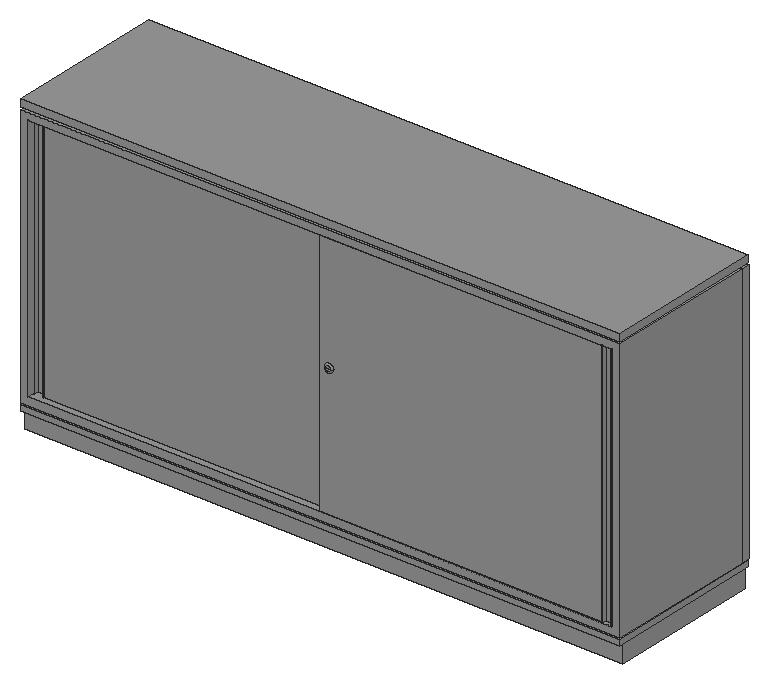
Revit family "Haworth_BeHold-Design_SlidingDoorCabinet_BaseElement_EU_PRELIMINARY", category Furniture Systems, Revit 2019
Family settings
  Round Connector Dimension = Use Diameter
  Part Type = Normal
  OmniClass Number = 23.40.70.14.64.21
  OmniClass Title = Systems Furniture
  Work Plane-Based = No
  Always vertical = Yes
  Cut with Voids When Loaded = No
  Shared = No
  Room Calculation Point = No
Parameters (values of type "160w 74H")
  with Cover Plate [instance] = yes
  Width = 160 cm
  Warranty = "http://www.haworth.com/resources/product-info/warranties"
  URL - Product = "https://www.haworth.com/eu/en/products/office-drawers/be-hold.html"
  URL = "https://www.haworth.com/eu/en.html"
  Trim Finish = Haworth _ Polymer _ Undecided
  Top Finish [instance] = Haworth _ Laminate _ Undecided _ Storage
  Size = "Verify Final Dim. w/ Haworth"  # constant formula
  Revision Number = "1"  # constant formula
  Recessed Handle Thickness Right = -0.2 cm  # constant formula
  Recessed Handle Thickness Left = 1.8 cm  # constant formula
  Recessed Handle Pull = no
  Pull Height = Door Height - 25 cm  # 45 cm
  Pull Finish = Haworth _ Polymer _ Undecided
  Plinth Finish = Haworth _ Polymer _ Undecided
  Plinth = not(Glides)  # yes
  Mounting Height = if(Plinth, 3 cm, 0 cm)  # 3 cm
  Model = "ESDSDGE"  # constant formula
  Min. Width = 80 cm  # constant formula
  Min. Height = 39.2 cm  # constant formula
  Max. Width = 160 cm  # constant formula
  Max. Height = 150.8 cm  # constant formula
  Manufacturer = "Haworth"  # constant formula
  Lock Offset Side = Actual Width / 2 - 7 cm  # 73 cm
  Lock Offset Length = Actual Height / 2  # 37 cm
  Height = 74 cm
  Handle 128 128 Pull = no
  Glides = no
  Glide Finish = Haworth _ Polymer _ Undecided
  Front Finish [instance] = Haworth _ Laminate _ Undecided _ Storage
  End to End Sliding Door Pull = not(or(Handle 128 128 Pull, Recessed Handle Pull))  # yes
  Door Width = if(End to End Sliding Door Pull, Actual Width / 2 - 4.5 cm, if(Recessed Handle Pull, Actual Width / 2 - 2 cm, Actual Width / 2 - 2 cm))  # 75.5 cm
  Door Height = Actual Height - 4 cm  # 70 cm
  Description = "Haworth - BeHold Design - Sliding Door Cabinet - Base Element"  # constant formula
  Custom Size = not(or(Width = 91.44 cm, Width = 106.68 cm, Width = 121.92 cm, Width = 137.16 cm, Width = 152.4 cm, Width = 167.64 cm, Width = 182.88 cm))  # yes
  Cabinet Finish [instance] = Haworth _ Laminate _ Undecided _ Storage
  Back Finish [instance] = Haworth _ Laminate _ Undecided _ Storage
  Author = "Haworth (Abd Rahman)"  # constant formula
  Assembly Code = "E2020200"
  Actual Width = if(Width < Min. Width, Min. Width, if(Width > Max. Width, Max. Width, Width))  # 160 cm
  Actual Height = if(Height < Min. Height, Min. Height, if(Height > Max. Height, Max. Height, Height))  # 74 cm
  Actual Depth = 43 cm  # constant formula
  74H = Actual Height = 74 cm  # yes
  4BH = Actual Height = 150.8 cm  # no
  3BH = Actual Height = 113.6 cm  # no
  2BH = Actual Height = 76.4 cm  # no
  1BH = Actual Height = 39.2 cm  # no
  100H = Actual Height = 100 cm  # no
Types (6, lengths in cm): name | Width | Recessed Handle Pull | Pull Height | Plinth | Mounting Height | Lock Offset Side | Lock Offset Length | Height | Handle 128 128 Pull | Glides | End to End Sliding Door Pull | Door Width | Door Height | Actual Width | Actual Height | 74H | 4BH | 3BH | 2BH | 1BH | 100H
  80w 1BH | 80 | no | 10.2 | yes | 3 | 33 | 19.6 | 39.2 | yes | no | no | 38 | 35.2 | 80 | 39.2 | no | no | no | no | yes | no
  90w 2BH | 90 | yes | 47.4 | no | 0 | 38 | 38.2 | 76.4 | no | yes | no | 43 | 72.4 | 90 | 76.4 | no | no | no | yes | no | no
  100w 3BH | 100 | no | 84.6 | no | 0 | 43 | 56.8 | 113.6 | no | yes | yes | 45.5 | 109.6 | 100 | 113.6 | no | no | yes | no | no | no
  120w 4BH | 120 | no | 121.8 | yes | 3 | 53 | 75.4 | 150.8 | yes | no | no | 58 | 146.8 | 120 | 150.8 | no | yes | no | no | no | no
  140w 100H | 140 | yes | 71 | no | 0 | 63 | 50 | 100 | no | yes | no | 68 | 96 | 140 | 100 | no | no | no | no | no | yes
  160w 74H | 160 | no | 45 | yes | 3 | 73 | 37 | 74 | no | no | yes | 75.5 | 70 | 160 | 74 | yes | no | no | no | no | no
Reference planes (cm)
  plane 1: z = 3
  plane 2 "Center L/R": x = -15.6859
  plane 3 "Center F/B": y = -29.21
  plane 4 "Top": z = 77
  plane 5 "Back": y = -7.71
  plane 6 "Front": y = -50.71
  plane 7 "Right": x = 64.3141
  plane 8 "Left": x = -95.6859
  plane 9: z = 75.1816
  plane 10: x = 62.3141
  plane 11: x = -93.6859
  plane 12: z = 4.8184
  plane 13: y = -48.71
  plane 14: z = 77.5
  plane 15: y = -9.71
  plane 16: z = 6.8184
  plane 17: z = 8.8184
  plane 18: z = 6.3184
  plane 19: y = -44.4342
  plane 20: x = 54.5804
  plane 21: y = -42.4342
  plane 22: y = -13.9858
  plane 23: y = -15.9858
  plane 24: x = -85.9522
  plane 25: y = -44.74
  plane 26: y = -43.3236
  plane 27: y = -13.68
  plane 28: y = -15.0964
  plane 29: y = -49.3975
  plane 30: y = -49.5975
  plane 31: x = 62.1141
  plane 32: x = 59.8496
  plane 33: x = 59.6496
  plane 34: x = 57.8016
  plane 35: x = 52.8016
  plane 36: z = 10.8184
  plane 37: z = 28.8184
  plane 38: x = -89.1734
  plane 39: x = -84.1734
  plane 40: z = 10.8184
  plane 41: z = 28.8184
  plane 42: x = -87.6734
  plane 43: x = -85.6734
  plane 44: z = 27.3184
  plane 45: z = 12.3184
  plane 46: x = 56.3016
  plane 47: x = 54.3016
  plane 48: z = 27.3184
  plane 49: z = 12.3184
  plane 50: y = -47.5975
  plane 51: x = -93.4859
  plane 52: x = -91.2214
  plane 53: x = -91.0214
  plane 54: y = -47.3975
  plane 55: x = 62.6141
  plane 56: x = 64.2141
  plane 57: x = -93.9859
  plane 58: x = -95.5859
  plane 59: y = -8.8617
  plane 60: y = -10.4617
  plane 61: y = -49.4617
  plane 62: y = -47.8617
Forms (cm)
  Extrusion 1, solid, material "Haworth _ Laminate _ Undecided _ Storage" <- "Cabinet Finish"
    sketch origin (0, -29.21, 0) x (1, 0, 0) y (0, 0, 1)
      loop
        line (-95.6859, 77) -> (-95.6859, 6.8184) -> (64.3141, 6.8184) -> (64.3141, 77) -> (-95.6859, 77)
      loop
        line (-93.6859, 75.1816) -> (-93.6859, 8.8184) -> (62.3141, 8.8184) -> (62.3141, 75.1816) -> (-93.6859, 75.1816)
    from -19.5 to 21.5
  Extrusion 2, solid, material "Haworth _ Laminate _ Undecided _ Storage" <- "Cabinet Finish"
    sketch origin (0, -29.21, 0) x (1, 0, 0) y (0, 0, 1)
      loop
        line (-95.6859, 6.3184) -> (-95.6859, 4.8184) -> (64.3141, 4.8184) -> (64.3141, 6.3184) -> (-95.6859, 6.3184)
    from -21.5 to 21.5
  Extrusion 3, solid, material "Haworth _ Polymer _ Undecided" <- "Glide Finish", visible <- "Glides"
    sketch origin (0, 0, 0) x (1, 0, 0) y (0, 1, 0)
      loop
        arc (53.0804, -42.4342) -> (54.5804, -46.9342) -> (56.0804, -42.4342) r 2.5
        line (56.0804, -42.4342) -> (53.0804, -42.4342)
      loop
        line (53.0804, -15.9858) -> (56.0804, -15.9858)
        arc (56.0804, -15.9858) -> (54.5804, -11.4858) -> (53.0804, -15.9858) r 2.5
      loop
        line (-84.4522, -42.4342) -> (-87.4522, -42.4342)
        arc (-87.4522, -42.4342) -> (-85.9522, -46.9342) -> (-84.4522, -42.4342) r 2.5
      loop
        arc (-84.4522, -15.9858) -> (-85.9522, -11.4858) -> (-87.4522, -15.9858) r 2.5
        line (-87.4522, -15.9858) -> (-84.4522, -15.9858)
    from 3 to 4.8184
  Extrusion 4, solid, material "Haworth _ Laminate _ Undecided _ Storage" <- "Back Finish"
    sketch origin (0, -29.21, 0) x (1, 0, 0) y (0, 0, 1)
      loop
        line (64.3141, 77) -> (-95.6859, 77) -> (-95.6859, 6.8184) -> (64.3141, 6.8184) -> (64.3141, 77)
    from -21.5 to -19.5
  Extrusion 5, solid, material "Haworth _ Polymer _ Undecided" <- "Glide Finish"
    sketch origin (0, 0, 0) x (1, 0, 0) y (0, 1, 0)
      loop
        line (-93.6859, -44.74) -> (62.3141, -44.74) -> (62.3141, -43.3236) -> (-93.6859, -43.3236) -> (-93.6859, -44.74)
      loop
        line (-93.6859, -13.68) -> (-93.6859, -15.0964) -> (62.3141, -15.0964) -> (62.3141, -13.68) -> (-93.6859, -13.68)
    from 6.3184 to 6.8184
  Extrusion 6, solid, material "Haworth _ Polymer _ Undecided" <- "Pull Finish", visible <- "End to End Sliding Door Pull"
    sketch origin (0, 0, 0) x (1, 0, 0) y (0, 1, 0)
      loop
        line (62.1141, -50.71) -> (62.3141, -50.71) -> (62.3141, -49.3975) -> (59.6496, -49.3975) -> (59.6496, -50.71) -> (59.8496, -50.71) -> (59.8496, -49.5975) -> (62.1141, -49.5975) -> (62.1141, -50.71)
    from 8.8184 to 75.1816
  Extrusion 7, solid, material "Haworth _ Polymer _ Undecided" <- "Pull Finish", visible <- "Recessed Handle Pull"
    sketch origin (0, -50.71, 0) x (-1, 0, 0) y (0, 0, 1)
      loop
        line (-57.8016, 28.8184) -> (-57.8016, 10.8184) -> (-52.8016, 10.8184) -> (-52.8016, 28.8184) -> (-57.8016, 28.8184)
    from -0.2 <- "Recessed Handle Thickness Right" to 0
  Extrusion 8, solid, material "Haworth _ Polymer _ Undecided" <- "Pull Finish", visible <- "Recessed Handle Pull"
    sketch origin (0, -50.71, 0) x (-1, 0, 0) y (0, 0, 1)
      loop
        line (89.1734, 28.8184) -> (84.1734, 28.8184) -> (84.1734, 10.8184) -> (89.1734, 10.8184) -> (89.1734, 28.8184)
    from 2 to 1.8 <- "Recessed Handle Thickness Left"
  Extrusion 9, void
    sketch origin (0, -50.71, 0) x (-1, 0, 0) y (0, 0, 1)
      loop
        line (-54.3016, 27.3184) -> (-56.3016, 27.3184) -> (-56.3016, 12.3184) -> (-54.3016, 12.3184) -> (-54.3016, 27.3184)
    from -26.954 to -0.124
  Extrusion 10, void
    sketch origin (0, -50.71, 0) x (-1, 0, 0) y (0, 0, 1)
      loop
        line (85.6734, 27.3184) -> (85.6734, 12.3184) -> (87.6734, 12.3184) -> (87.6734, 27.3184) -> (85.6734, 27.3184)
    from -26.954 to 1.8499
  Extrusion 11, solid, material "Haworth _ Polymer _ Undecided" <- "Pull Finish", visible <- "End to End Sliding Door Pull"
    sketch origin (0, 0, 0) x (1, 0, 0) y (0, 1, 0)
      loop
        line (-93.4859, -48.71) -> (-93.4859, -47.5975) -> (-91.2214, -47.5975) -> (-91.2214, -48.71) -> (-91.0214, -48.71) -> (-91.0214, -47.3975) -> (-93.6859, -47.3975) -> (-93.6859, -48.71) -> (-93.4859, -48.71)
    from 8.8184 to 77
  Extrusion 12, solid, material "Haworth _ Polymer _ Undecided" <- "Plinth Finish", visible <- "Plinth"
    sketch origin (0, 0, 0) x (1, 0, 0) y (0, 1, 0)
      loop
        line (-95.5859, -8.8617) -> (-95.5859, -49.4617) -> (64.2141, -49.4617) -> (64.2141, -8.8617) -> (-95.5859, -8.8617)
      loop
        line (-93.9859, -10.4617) -> (-93.9859, -47.8617) -> (62.6141, -47.8617) -> (62.6141, -10.4617) -> (-93.9859, -10.4617)
    from 0 to 4.8184
Cuts and joins
  Extrusion 9 cuts Extrusion 7
  Extrusion 9, Extrusion 10 cuts Extrusion 8
Lines and regions (cm)
  Masking region 1
    outline origin (0, 0, 0) x (1, 0, 0) y (0, 1, 0)
      loop
        line (-95.6859, -7.71) -> (-95.6859, -50.71) -> (64.3141, -50.71) -> (64.3141, -7.71) -> (-95.6859, -7.71)
Dimensions and locks (cm)
  equal spacing: plane 8 "Left", plane 2 "Center L/R", plane 7 "Right"
  "Actual Width": plane 8 "Left" to plane 7 "Right"
  equal spacing: plane 5 "Back", plane 3 "Center F/B", plane 6 "Front"
  "Actual Depth": plane 5 "Back" to plane 6 "Front"
  locked: plane 10 to plane 7 "Right" at 2
  locked: plane 8 "Left" to plane 11 at 2
  locked: plane 4 "Top" to plane 9 at 1.8184
  locked: plane 12 to plane 1 at 1.8184
  "Actual Height": plane 4 "Top" to plane 1
  "Mounting Height": plane 1 to level
  locked: plane 6 "Front" to plane 13 at 2
  locked: plane 14 to plane 4 "Top" at 0.5
  locked: plane 15 to plane 5 "Back" at 2
  locked: plane 16 to plane 12 at 2
  locked: plane 17 to plane 16 at 2
  locked: plane 16 to plane 18 at 0.5
  plane 21 to plane 19 to plane 6 "Front" = 2 cm locked, 6.2758 cm locked
  locked: plane 20 to plane 7 "Right" at 9.7337
  locked: plane 23 to plane 22 at 2
  locked: plane 22 to plane 5 "Back" at 6.2758
  locked: plane 8 "Left" to plane 24 at 9.7337
  plane 6 "Front" to plane 25 to plane 26 = 5.97 cm locked, 1.4164 cm locked
  locked: plane 27 to plane 28 at 1.4164
  locked: plane 5 "Back" to plane 27 at 5.97
  plane 33 to plane 32 to plane 31 to plane 7 "Right" = 0.2 cm locked, 2.2645 cm locked, 2.2 cm locked
  plane 6 "Front" to plane 30 to plane 29 = 1.1125 cm locked, 0.2 cm locked
  plane 35 to plane 34 to plane 7 "Right" = 5 cm locked, 6.5125 cm locked
  plane 39 to plane 38 to plane 8 "Left" = 5 cm locked, 6.5125 cm locked
  plane 41 to plane 40 to plane 17 = 18 cm locked, 2 cm locked
  plane 37 to plane 36 to plane 17 = 18 cm locked, 2 cm locked
  plane 44 to plane 45 to plane 17 = 15 cm locked, 3.5 cm locked
  plane 43 to plane 42 to plane 8 "Left" = 2 cm locked, 8.0125 cm locked
  plane 48 to plane 49 to plane 17 = 15 cm locked, 3.5 cm locked
  plane 47 to plane 46 to plane 7 "Right" = 2 cm locked, 8.0125 cm locked
  plane 8 "Left" to plane 51 to plane 52 to plane 53 = 2.2 cm locked, 2.2645 cm locked, 0.2 cm locked
  plane 6 "Front" to plane 50 to plane 54 = 3.1125 cm locked, 0.2 cm locked
  plane 1 to level = 3 cm
  plane 62 to plane 61 to plane 6 "Front" = 1.6 cm locked, 1.2483 cm locked
  plane 55 to plane 56 to plane 7 "Right" = 1.6 cm locked, 0.1 cm locked
  plane 8 "Left" to plane 58 to plane 57 = 0.1 cm locked, 1.6 cm locked
  plane 60 to plane 59 to plane 5 "Back" = 1.6 cm locked, 1.1517 cm locked
  radius of Extrusion 3 sketch curve = 2.5 cm  (x4)
  aligned and locked: plane 7 "Right" to Masking region 1
  aligned and locked: plane 5 "Back" to Masking region 1
  aligned and locked: Masking region 1 to plane 6 "Front"
  aligned and locked: Masking region 1 to plane 8 "Left"
  aligned and locked: plane 6 "Front" to nested 1
  aligned and locked: plane 13 to nested 2
  aligned and locked: plane 3 "Center F/B" to nested 3
  aligned and locked: plane 2 "Center L/R" to nested 3
  aligned and locked: nested 3 to plane 14
  aligned and locked: plane 8 "Left" to Extrusion 1 sketch curve
  aligned and locked: Extrusion 1 sketch curve to plane 7 "Right"
  aligned and locked: Extrusion 1 sketch curve to plane 4 "Top"
  aligned and locked: plane 10 to Extrusion 1 sketch curve
  aligned and locked: Extrusion 1 sketch curve to plane 9
  aligned and locked: Extrusion 1 sketch curve to plane 11
  aligned and locked: nested 1 to plane 9
  aligned and locked: nested 2 to plane 9
  aligned and locked: Extrusion 1 to plane 16
  aligned and locked: Extrusion 2 sketch curve to plane 7 "Right"
  aligned and locked: plane 8 "Left" to Extrusion 2 sketch curve
  aligned and locked: Extrusion 2 to plane 12
  aligned and locked: plane 5 "Back" to Extrusion 2
  aligned and locked: Extrusion 2 to plane 6 "Front"
  aligned and locked: plane 19 to Extrusion 3 sketch curve  (x2)
  aligned and locked: plane 20 to Extrusion 3 sketch curve  (x2)
  aligned and locked: plane 22 to Extrusion 3 sketch curve
  aligned and locked: plane 24 to Extrusion 3 sketch curve  (x2)
  aligned and locked: plane 23 to Extrusion 3 sketch curve  (x2)
  aligned and locked: Extrusion 3 sketch curve to plane 22
  aligned and locked: plane 21 to Extrusion 3 sketch curve
  aligned and locked: Extrusion 3 sketch curve to plane 21
  aligned and locked: Extrusion 3 to plane 1
  aligned and locked: plane 12 to Extrusion 3
  aligned and locked: Extrusion 1 to plane 15
  aligned and locked: Extrusion 4 sketch curve to plane 7 "Right"
  aligned and locked: plane 8 "Left" to Extrusion 4 sketch curve
  aligned and locked: Extrusion 4 sketch curve to plane 16
  aligned and locked: Extrusion 4 sketch curve to plane 4 "Top"
  aligned and locked: plane 5 "Back" to Extrusion 4
  aligned and locked: plane 15 to Extrusion 4
  aligned and locked: Extrusion 5 sketch curve to plane 26
  aligned and locked: Extrusion 5 sketch curve to plane 25
  aligned and locked: Extrusion 5 sketch curve to plane 27
  aligned and locked: Extrusion 5 sketch curve to plane 28
  aligned and locked: Extrusion 5 to plane 18
  aligned and locked: plane 16 to Extrusion 5
  aligned and locked: plane 10 to Extrusion 5 sketch curve
  aligned and locked: Extrusion 5 sketch curve to plane 10
  aligned and locked: Extrusion 5 sketch curve to plane 11
  aligned and locked: plane 11 to Extrusion 5 sketch curve
  aligned and locked: Extrusion 6 to plane 9
  aligned and locked: Extrusion 6 to plane 17
  aligned and locked: Extrusion 6 sketch curve to plane 31
  aligned and locked: Extrusion 6 sketch curve to plane 29
  aligned and locked: Extrusion 6 sketch curve to plane 30
  aligned and locked: Extrusion 6 sketch curve to plane 32
  aligned and locked: Extrusion 6 sketch curve to plane 33
  aligned and locked: Extrusion 6 sketch curve to plane 10
  aligned and locked: Extrusion 6 sketch curve to plane 6 "Front"  (x2)
  aligned and locked: plane 36 to Extrusion 7 sketch curve
  aligned and locked: Extrusion 7 sketch curve to plane 37
  aligned and locked: plane 35 to Extrusion 7 sketch curve
  aligned and locked: Extrusion 7 sketch curve to plane 34
  aligned and locked: plane 6 "Front" to Extrusion 7
  aligned and locked: plane 39 to Extrusion 8 sketch curve
  aligned and locked: Extrusion 8 sketch curve to plane 38
  aligned and locked: Extrusion 8 sketch curve to plane 41
  aligned and locked: Extrusion 8 sketch curve to plane 40
  aligned and locked: Extrusion 8 to plane 13
  aligned and locked: Extrusion 10 sketch curve to plane 44
  aligned and locked: plane 45 to Extrusion 10 sketch curve
  aligned and locked: Extrusion 10 sketch curve to plane 42
  aligned and locked: plane 43 to Extrusion 10 sketch curve
  aligned and locked: Extrusion 9 sketch curve to plane 48
  aligned and locked: plane 49 to Extrusion 9 sketch curve
  aligned and locked: Extrusion 9 sketch curve to plane 46
  aligned and locked: plane 47 to Extrusion 9 sketch curve
  aligned and locked: plane 2 "Center L/R" to nested 1
  aligned and locked: plane 2 "Center L/R" to nested 2
  aligned and locked: Extrusion 11 sketch curve to plane 51
  aligned and locked: Extrusion 11 sketch curve to plane 50
  aligned and locked: plane 52 to Extrusion 11 sketch curve
  aligned and locked: plane 53 to Extrusion 11 sketch curve
  aligned and locked: Extrusion 11 sketch curve to plane 11
  aligned and locked: plane 4 "Top" to Extrusion 11
  aligned and locked: Extrusion 11 to plane 17
  aligned and locked: plane 13 to Extrusion 11 sketch curve
  aligned and locked: Extrusion 11 sketch curve to plane 13
  aligned and locked: Extrusion 11 sketch curve to plane 54
  aligned and locked: plane 12 to Extrusion 12
  aligned and locked: Extrusion 12 to level
  aligned and locked: Extrusion 12 sketch curve to plane 59
  aligned and locked: Extrusion 12 sketch curve to plane 60
  aligned and locked: Extrusion 12 sketch curve to plane 62
  aligned and locked: Extrusion 12 sketch curve to plane 61
  aligned and locked: Extrusion 12 sketch curve to plane 58
  aligned and locked: Extrusion 12 sketch curve to plane 57
  aligned and locked: Extrusion 12 sketch curve to plane 56
  aligned and locked: Extrusion 12 sketch curve to plane 55
  aligned and locked: Extrusion 1 to plane 6 "Front"
Automatic sketch dimensions
  Masking region 1 sketch curve to plane 6 "Front" = 0 cm
  Masking region 1 sketch curve to plane 8 "Left" = 0 cm
  Masking region 1 sketch curve to plane 7 "Right" = 0 cm
  Masking region 1 sketch curve to plane 5 "Back" = 0 cm
  Extrusion 1 sketch curve to plane 16 = 0 cm
  Extrusion 1 sketch curve to plane 17 = 0 cm
  Extrusion 2 sketch curve to plane 12 = 0 cm
  Extrusion 2 sketch curve to plane 18 = 0 cm
Nested families (cm)
  nested 1: "Haworth_BeHold_SingleHingedDoor_PART" at (37.75, -1.18, -48.7112), type "Single Hinged Door w/pull"
    with Pull Height 45 cm, Lock Offset Side 73 cm, Lock Offset Length 37 cm, Linear Pull no, Actual Width 75.5 cm, Actual Height 70 cm
  nested 2: "Haworth_BeHold_SingleHingedDoor_PART" at (-69.1218, 0.82, -48.7112) x (-1, 0, 0) z (0, 0, 1), type "Single Hinged Door w/pull w/o Lock"
    with Without Lock yes, With Lock no, Pull Height 45 cm, Lock Offset Side 45 cm, Lock Offset Length 6.1516 cm, Linear Pull no, Actual Width 75.5 cm, Actual Height 70 cm
  nested 3: "Haworth_BeHold_CoverPlate_Top-PART" at (0, 0, -172.5), visible <- "with Cover Plate", Top Finish <- "Top Finish", type "Cover Plate"
    with Top Finish Haworth _ Laminate _ Undecided _ Storage, Actual Width 160 cm, Actual Mounting Height 250 cm, Actual Depth 43 cm
Definition of nested family "Haworth_BeHold_SingleHingedDoor_PART"
  Parameters (values of type "Single Hinged Door w/pull")
    Without Lock = not(With Lock)  # no
    With Lock = yes
    Wing Pull = no
    Warranty = "http://www.haworth.com/resources/product-info/warranties"
    URL - Product = ""
    URL = "www.haworth.com"
    Sustainability Info = "https://www.haworth.com/company-info/sustainability"
    Size = "Verify Final Dim. w/ Haworth"  # constant formula
    Revision Number = "1"  # constant formula
    Pull Height = 61.24 cm
    Pull Finish = none
    No Pull = yes
    Model = "Haworth Be_Hold"  # constant formula
    Manufacturer = "Haworth"  # constant formula
    Lock Offset Side = 6.0621 cm
    Lock Offset Length = 7.62 cm
    Linear Pull = yes
    Description = "PART"
    Crescent Pull = not(or(Linear Pull, Classic Pull, Wing Pull, Blade Pull, No Pull))  # no
    Classic Pull = no
    Cabinet Finish = none
    Blade Pull = no
    Author = "Haworth (Abd Rahman)"  # constant formula
    Assembly Code = "E2020200"
    Actual Width = 58 cm
    Actual Height = 149.1 cm
    Actual Depth = 40.64 cm  # constant formula
  Reference planes (cm)
    plane 1: z = 0
    plane 2 "Center L/R": x = -15.6859
    plane 3 "Center F/B": y = -29.21
    plane 4 "Top": z = 204.9006
    plane 5 "Back": y = -8.89
    plane 6 "Front": y = -49.53
    plane 7 "Right": x = 13.3141
    plane 8 "Left": x = -44.6859
    plane 9: z = 55.8006
    plane 10: y = -47.56
    plane 11: z = 202.9928
    plane 12: z = 57.7056
    plane 13: x = 11.4091
    plane 14: x = -42.7809
    plane 15: z = 117.0406
    plane 16: x = 7.252
    plane 17: z = 63.4206
  Forms (cm)
    Extrusion 1, solid, material <- "Cabinet Finish"
      sketch origin (0, -49.53, 0) x (-1, 0, 0) y (0, 0, 1)
        loop
          line (44.6859, 202.9928) -> (-13.3141, 202.9928) -> (-13.3141, 57.7056) -> (44.6859, 57.7056) -> (44.6859, 202.9928)
      from 0 to 1.97
    Revolve 2, solid, material <- "Pull Finish", visible <- "With Lock"
      sketch origin (0, -0.1588, 63.4206) x (1, 0, 0) y (0, 1, 0)
        loop
          line (7.252, -49.3784) -> (7.252, -49.6959) -> (8.0457, -49.6959)
          arc (8.0457, -49.6959) -> (8.2702, -49.6029) -> (8.3632, -49.3784) r 0.3175
          line (8.3632, -49.3784) -> (7.252, -49.3784)
        axis (7.252, -49.3784) -> (7.252, -49.6959)
      angle from 0 to 360
  Dimensions and locks (cm)
    equal spacing: plane 8 "Left", plane 2 "Center L/R", plane 7 "Right"
    "Actual Width": plane 8 "Left" to plane 7 "Right"
    equal spacing: plane 5 "Back", plane 3 "Center F/B", plane 6 "Front"
    "Actual Depth": plane 5 "Back" to plane 6 "Front"
    plane 9 to level = 55.8006 cm
    "Actual Height": plane 4 "Top" to plane 9
    locked: plane 6 "Front" to plane 10 at 1.97
    locked: plane 4 "Top" to plane 11 at 1.9078
    plane 13 to plane 7 "Right" = 1.905 cm
    plane 8 "Left" to plane 14 = 1.905 cm
    locked: plane 9 to plane 12 at 1.905
    "Pull Height": plane 15 to plane 9
    locked: nested 1 to plane 13 at 2.8575
    "Lock Offset Side": plane 16 to plane 7 "Right"
    "Lock Offset Length": plane 17 to plane 9
    aligned and locked: Extrusion 1 sketch curve to plane 12
    aligned and locked: nested 1 to plane 6 "Front"
    aligned and locked: Extrusion 1 sketch curve to plane 7 "Right"
    aligned and locked: plane 8 "Left" to Extrusion 1 sketch curve
    aligned and locked: plane 15 to nested 1
    aligned and locked: plane 16 to Revolve 2 sketch curve
    aligned and locked: plane 17 to Revolve 2
  Automatic sketch dimensions
    Extrusion 1 sketch curve to plane 11 = 0 cm
    Revolve 2 sketch curve to plane 6 "Front" = 0.0072 cm
    Revolve 2 sketch curve to plane 6 "Front" = 0.3246 cm
    Revolve 2 sketch curve to Revolve 2 sketch curve = 0.7938 cm
    Revolve 2 sketch curve to Revolve 2 sketch curve = 0 cm  (x3)
  Nested families (cm)
    nested 1: "Haworth_Door-Pulls_PART" at (11.4933, -49.4532, 126.0957), type "Pull"
      with Linear yes, Classic no
  Definition of nested family "Haworth_Door-Pulls_PART"
    Parameters (values of type "Pull")
      Working Distance = 0 cm  # constant formula
      Wing Pull Length = 21.1074 cm
      Wing = no
      Warranty = "https://www.haworth.com/resources/product-info/warranties"
      URL - Product = ""
      URL = "www.haworth.com"
      Trim Finish = none
      Revision Number = "1"  # constant formula
      Model = "Haworth Be_Hold"  # constant formula
      Manufacturer = "Haworth"  # constant formula
      Linear Pull Length = 18.1102 cm
      Linear = no
      Description = "Haworth - Be_Hold - Door Pulls"
      Cresent = no
      Classic Pull Length = 20.32 cm
      Classic = yes
      Author = "Haworth (Alias)"  # constant formula
      Assembly Code = ""
    Reference planes (cm)
      plane 1 "Center F/B": y = -0.0768
      plane 2 "Center": z = 0
      plane 3 "Center L/R": x = -3.2592
      plane 4 "Right": x = -1.9892
      plane 5 "Left": x = -4.5292
      plane 6 "cresent": x = -3.2592
      plane 7 "classic": x = -3.2592
      plane 8 "linear": x = -3.2592
      plane 9 "Top linear": z = 9.0551
      plane 10 "Bottom linear": z = -9.0551
      plane 11 "Left wing": x = -13.8129
      plane 12 "Right wing": x = 7.2945
      plane 13 "Top classic": z = 10.16
      plane 14 "Bottom classic": z = -10.16
    Forms (cm)
      Extrusion 1, solid, material <- "Trim Finish", visible <- "Linear"
        sketch origin (-3.2592, 0, 0) x (0, 0, 1) y (0, -1, 0)
          loop
            line (9.0551, 0.0768) -> (9.0551, 3.2518) -> (-9.0551, 3.2518) -> (-9.0551, 0.0768) -> (-6.5151, 0.0768) -> (-6.5151, 2.6168) -> (6.5151, 2.6168) -> (6.5151, 0.0768) -> (9.0551, 0.0768)
        from 0.3175 to -0.3175
      Extrusion 2, solid, material <- "Trim Finish", visible <- "Classic"
        sketch origin (-17.5467, -0.0768, 29.0033) x (0, 0, -1) y (1, 0, 0)
          loop
            line (18.8433, 15.24) -> (18.8433, 13.335)
            arc (18.8433, 13.335) -> (19.7958, 14.2875) -> (18.8433, 15.24) r 0.9525
        from 0 to 2.54
      Extrusion 3, solid, material <- "Trim Finish", visible <- "Classic"
        sketch origin (-17.5467, -0.0768, -11.7475) x (0, 0, 1) y (-1, 0, 0)
          loop
            arc (1.5875, -15.24) -> (2.54, -14.2875) -> (1.5875, -13.335) r 0.9525
            line (1.5875, -13.335) -> (1.5875, -15.24)
        from 0 to 2.54
      Extrusion 4, solid, material <- "Trim Finish", visible <- "Classic"
        sketch origin (-17.5467, -0.0768, 29.0033) x (0, 0, -1) y (1, 0, 0)
          loop
            line (18.8433, 15.24) -> (18.8433, 13.335) -> (39.1633, 13.335) -> (39.1633, 15.24) -> (18.8433, 15.24)
        from 2.54 to 3.175
      Sweep 5, solid, material <- "Trim Finish", visible <- "Cresent"
        path origin (-3.2592, 0, 0) x (0, 1, 0) y (0, 0, 1)
          loop
            arc (-0.0768, 9.4293) -> (-3.175, 0.0077) -> (-0.0768, -9.414) r 15.875
        profile origin (-3.2592, -3.175, 0.0077) x (1, 0, 0) y (0, 1, 0)
          loop
            circle (0, 0.3175) r 0.3175
      Extrusion 6, void
        sketch origin (-3.2592, 0, 0) x (0, 0, 1) y (0, -1, 0)
          loop
            line (9.6277, 0.0768) -> (-9.7545, 0.0768) -> (-9.7545, -0.8146) -> (9.6277, -0.8146) -> (9.6277, 0.0768)
        from 0.635 to -0.635
      Sweep 7, solid, material <- "Trim Finish", visible <- "Wing"
        path origin (0, 0, 0) x (1, 0, 0) y (0, 1, 0)
          loop
            line (7.2945, -0.0768) -> (-13.8129, -0.0768)
        profile origin (-3.2592, -0.0768, 0) x (0, -1, 0) y (0, 0, 1)
          loop
            line (0, 0) -> (0, -0.1397) -> (1.8151, -1.154)
            arc (1.8151, -1.154) -> (2.1712, -1.0357) -> (2.0214, -0.6917) r 0.2541
            line (2.0214, -0.6917) -> (0, 0)
      Extrusion 8, void
        sketch origin (0, 0, 0) x (1, 0, 0) y (0, 1, 0)
          loop
            line (-13.8129, -0.0768) -> (-13.8129, -2.7247) -> (-12.8491, -2.7247) -> (-13.8129, -0.0768)
          loop
            line (7.2945, -0.0768) -> (6.3307, -2.7247) -> (7.2945, -2.7247) -> (7.2945, -0.0768)
        from -9.0551 to 9.0551
    Cuts and joins
      Extrusion 6 cuts Extrusion 2
      Extrusion 6 cuts Extrusion 3
      Extrusion 6 cuts Extrusion 4
      joined: Extrusion 2, Extrusion 3, Extrusion 4
      Extrusion 6 cuts Extrusion 1
      Extrusion 6 cuts Sweep 5
      Extrusion 8 cuts Sweep 7
    Lines and regions (cm)
      symbolic lines, detail levels fine
        curve 1: line (-4.5292, -0.0768, 0) -> (-1.9892, -0.0768, 0)
    Dimensions and locks (cm)
      equal spacing: plane 4 "Right", plane 3 "Center L/R", plane 5 "Left"
      locked: plane 4 "Right" to plane 5 "Left" at 2.54
      cut or joined group of Extrusion 2, Extrusion 3, Extrusion 4, Extrusion 6 to plane 7 "classic" to cut or joined group of Extrusion 2, Extrusion 3, Extrusion 4, Extrusion 6 = 0.9525 cm locked, 0.9525 cm locked
      locked: Extrusion 6 sketch curve to plane 9 "Top linear" at 0.5726
      locked: plane 10 "Bottom linear" to Extrusion 6 sketch curve at 0.6994
      locked: Extrusion 8 sketch curve to plane 1 "Center F/B" at 2.6479
      locked: plane 1 "Center F/B" to Extrusion 8 sketch curve at 2.6479
      "Working Distance": plane 3 "Center L/R" to plane 7 "classic"
      "Working Distance": plane 3 "Center L/R" to plane 6 "cresent"
      "Working Distance": plane 3 "Center L/R" to plane 8 "linear"
      locked: plane 9 "Top linear" to Extrusion 1 sketch curve at 2.54
      locked: plane 10 "Bottom linear" to Extrusion 1 sketch curve at 2.54
      equal spacing: plane 9 "Top linear", plane 2 "Center", plane 10 "Bottom linear"
      "Linear Pull Length": plane 9 "Top linear" to plane 10 "Bottom linear"
      equal spacing: plane 13 "Top classic", plane 2 "Center", plane 14 "Bottom classic"
      "Classic Pull Length": plane 13 "Top classic" to plane 14 "Bottom classic"
      equal spacing: plane 12 "Right wing", plane 3 "Center L/R", plane 11 "Left wing"
      "Wing Pull Length": plane 12 "Right wing" to plane 11 "Left wing"
      locked: plane 11 "Left wing" to Extrusion 8 sketch curve at 0.9638
      locked: Extrusion 8 sketch curve to plane 12 "Right wing" at 0.9638
      aligned: Extrusion 1 to plane 1 "Center F/B"  (x2)
      aligned and locked: level to plane 2 "Center"
      aligned and locked: plane 6 "cresent" to Sweep 5 sketch curve
      aligned and locked: Extrusion 1 sketch curve to plane 9 "Top linear"
      aligned and locked: plane 10 "Bottom linear" to Extrusion 1 sketch curve
      aligned and locked: Sweep 7 sketch curve to plane 1 "Center F/B"
      aligned and locked: Extrusion 8 to plane 10 "Bottom linear"
      aligned and locked: plane 9 "Top linear" to Extrusion 8
      aligned and locked: plane 1 "Center F/B" to curve 1
      aligned and locked: plane 4 "Right" to curve 1
      aligned and locked: plane 5 "Left" to curve 1
      aligned and locked: Extrusion 4 sketch curve to plane 13 "Top classic"
      aligned and locked: plane 14 "Bottom classic" to Extrusion 4 sketch curve
      aligned and locked: plane 13 "Top classic" to Extrusion 2 sketch curve  (x2)
      aligned and locked: plane 7 "classic" to Extrusion 2 sketch curve
      aligned and locked: plane 7 "classic" to Extrusion 3 sketch curve
      aligned and locked: plane 14 "Bottom classic" to Extrusion 3 sketch curve  (x2)
      aligned and locked: plane 11 "Left wing" to Sweep 7 sketch curve
      aligned and locked: plane 12 "Right wing" to Sweep 7 sketch curve
      aligned and locked: Extrusion 8 sketch curve to plane 11 "Left wing"
      aligned and locked: Extrusion 8 sketch curve to plane 12 "Right wing"
    Automatic sketch dimensions
      Sweep 5 sketch curve to plane 1 "Center F/B" = 0 cm  (x2)
      level to Sweep 5 sketch curve = 0.0077 cm
      Sweep 5 sketch curve to plane 1 "Center F/B" = 12.7768 cm
      Sweep 5 sketch curve to profile plane = 0.3175 cm
      Sweep 5 sketch curve to level = 9.414 cm
      Extrusion 6 sketch curve to plane 1 "Center F/B" = 0 cm
      Extrusion 6 sketch curve to plane 1 "Center F/B" = 0.8914 cm
      Sweep 7 sketch curve to level = 0 cm
      Sweep 7 sketch curve to profile plane = 0 cm
      Sweep 7 sketch curve to profile plane = 1.8151 cm
      Sweep 7 sketch curve to Sweep 7 sketch curve = 0.124 cm
      Sweep 7 sketch curve to level = 0.6917 cm
      Sweep 7 sketch curve to Sweep 7 sketch curve = 0.0823 cm
      Sweep 7 sketch curve to Sweep 7 sketch curve = 0.2404 cm
      Sweep 7 sketch curve to Sweep 7 sketch curve = 0.1397 cm
      Extrusion 1 sketch curve to plane 1 "Center F/B" = 0 cm  (x2)
      plane 1 "Center F/B" to Extrusion 1 sketch curve = 2.54 cm
      Extrusion 1 sketch curve to Extrusion 1 sketch curve = 0.635 cm
      plane 5 "Left" to Extrusion 4 sketch curve = 0.3175 cm
      Extrusion 4 sketch curve to plane 4 "Right" = 0.3175 cm
      plane 1 "Center F/B" to Extrusion 8 sketch curve = 0 cm  (x2)
      plane 5 "Left" to Extrusion 2 sketch curve = 0.3175 cm
      Extrusion 3 sketch curve to plane 4 "Right" = 0.3175 cm
      radius of Sweep 5 sketch curve = 0.3175 cm
Definition of nested family "Haworth_BeHold_CoverPlate_Top-PART"
  Parameters (values of type "Cover Plate")
    Warranty = "http://www.haworth.com/resources/product-info/warranties"
    URL - Product = "https://www.haworth.com/eu/en/products/office-drawers/be-hold.html"
    URL = "https://www.haworth.com/eu/en.html"
    Top Finish [instance] = none
    Thickness = 2 cm
    Size = "Verify Final Dim. w/ Haworth"  # constant formula
    Revision Number = "1"  # constant formula
    Model = "Haworth Be_Hold"  # constant formula
    Manufacturer = "Haworth"  # constant formula
    Description = "Haworth - BeHold - Cover Plate"  # constant formula
    Author = "Haworth (Abd Rahman)"  # constant formula
    Assembly Code = "E2020200"
    Actual Width = 150 cm
    Actual Mounting Height = 45 cm
    Actual Depth = 120 cm
  Reference planes (cm)
    plane 1: z = 0
    plane 2 "Center L/R": x = -15.6859
    plane 3 "Center F/B": y = -29.21
    plane 4 "Top of top": z = 47
    plane 5 "Back": y = 30.79
    plane 6 "Front": y = -89.21
    plane 7 "Left": x = -90.6859
    plane 8 "Right": x = 59.3141
    plane 9 "Bottom of top": z = 45
  Forms (cm)
    Extrusion 1, solid, material <- "Top Finish"
      sketch origin (0, 0, 0) x (1, 0, 0) y (0, 1, 0)
        loop
          line (-90.6859, 30.79) -> (-90.6859, -89.21) -> (59.3141, -89.21) -> (59.3141, 30.79) -> (-90.6859, 30.79)
      from 45 to 47
  Lines and regions (cm)
    Masking region 1
      outline origin (0, 0, 0) x (1, 0, 0) y (0, 1, 0)
        loop
          line (-90.6859, 30.79) -> (-90.6859, -89.21) -> (59.3141, -89.21) -> (59.3141, 30.79) -> (-90.6859, 30.79)
  Dimensions and locks (cm)
    equal spacing: plane 5 "Back", plane 3 "Center F/B", plane 6 "Front"
    "Actual Depth": plane 5 "Back" to plane 6 "Front"
    equal spacing: plane 7 "Left", plane 2 "Center L/R", plane 8 "Right"
    "Actual Width": plane 7 "Left" to plane 8 "Right"
    "Thickness": plane 4 "Top of top" to plane 9 "Bottom of top"
    "Actual Mounting Height": plane 9 "Bottom of top" to plane 1
    aligned and locked: plane 8 "Right" to Extrusion 1 sketch curve
    aligned and locked: plane 7 "Left" to Extrusion 1 sketch curve
    aligned and locked: plane 6 "Front" to Extrusion 1 sketch curve
    aligned and locked: Extrusion 1 sketch curve to plane 5 "Back"
    aligned and locked: plane 4 "Top of top" to Extrusion 1
    aligned and locked: Extrusion 1 to plane 9 "Bottom of top"
    aligned and locked: plane 8 "Right" to Masking region 1 sketch curve
    aligned and locked: Masking region 1 sketch curve to plane 5 "Back"
    aligned and locked: plane 7 "Left" to Masking region 1 sketch curve
    aligned and locked: plane 6 "Front" to Masking region 1 sketch curve
